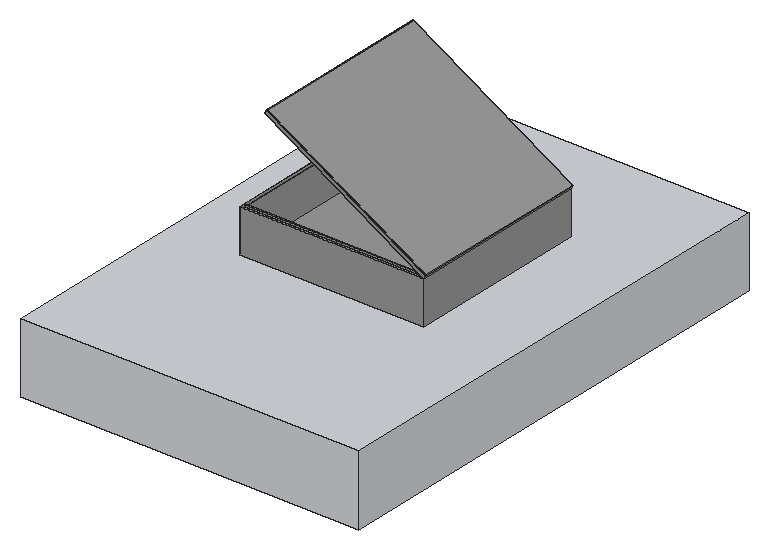
Revit family "Hager-Univers-IP44-D205-H800-Cl.I-encl-DE-de", category Equipement électrique, Revit 2020
Family settings
  Hôte = Face
  Configuration du panneau = Deux colonnes, circuits au sein
  Cote de connecteur circulaire = Utiliser le diamètre
  Type d'élément = Tableau de raccordement
  Couper avec des vides une fois chargée = Non
  Partagée = Non
  Point de calcul de pièce = Non
Parameters (values of type "Aufputz IP44 B800 H800 T205  - FP53TN2")
  Width Control [instance] = if([EF000008 - Breite] > Min Width, [EF000008 - Breite], Min Width)  # 800 mm
  Commentaires du type = [HG000003 - Bereich]  # "Univers"
  Thickness Door [instance] = if([EF009171 - Materialstärke Tür/Deckel] > 3 mm, 3 mm, [EF009171 - Materialstärke Tür/Deckel])  # 1 mm
  Seal Frame Offset [instance] = 17 mm  # constant formula
  Plinth Visibility [instance] = [HG000027 - Sockelhöhe] > 0 mm  # no
  Model = ""
  Min Width [instance] = 100 mm  # constant formula
  Min Height [instance] = 100 mm  # constant formula
  Min Depth [instance] = (2 * [EF009170 - Materialstärke Gehäuse]) + 1 mm  # 3 mm
  Internal Frame Depth [instance] = (Door System Depth * 0.5)  # 9 mm
  Height Control [instance] = if([EF000040 - Höhe] > Min Height, [EF000040 - Höhe], Min Height)  # 800 mm
  HG000027 - Sockelhöhe = 0 mm
  HG000026 - Stehend auf dem Boden = no
  HG000024 - Höhe des unteren Teils = 800 mm
  HG000023 - Gehäuse mit doppeltem Querschnitt = no
  HG000016 - 3D-Türsichtbarkeit [instance] = yes
  HG000015 - Sichtbarkeit der Türöffnung [instance] = no
  HG000014 - Tür rechts [instance] = yes
  HG000013 - Tür links [instance] = not([HG000014 - Tür rechts])  # no
  HG000012 - Türschwenkwinkel [instance] = 30.00°
  HG000010 - Asymmetrische Türen = no
  HG000009 - Doppelflügeligen Tür = no
  HG000006 - Unterputz = no
  HG000004 - Herstellerreferenz = "FP53TN2"
  HG000003 - Bereich = "Univers"
  HG000002 - Mit tür = yes
  Frame Offset Bottom [instance] = 10 mm  # constant formula
  Frame Offset [instance] = 15 mm  # constant formula
  EF015940 - Deckel mit Überdruckentlastung = no
  EF011959 - Schutzart (NEMA) = ""
  EF009554 - Anzahl der Öffnungen für Flanschplatten = 6
  Fabricant = "Hager"  # constant formula
  EF009212 - Ausführung Deckel = "EV000116 - geschlossen"
  EF009171 - Materialstärke Tür/Deckel = 1 mm
  EF009170 - Materialstärke Gehäuse = 1 mm
  EF008873 - Nennstrom (In) = 250 A
  EF007800 - Geeignet für Blitzschutz = no
  EF006306 - Mit Schloss = no
  EF006244 - Transparenter Deckel/Tür = no
  EF005474 - Schutzart (IP) = "EV006418 - IP44"
  EF004464 - Art der Tür = "EV002646 - Einzel"
  EF004427 - Anzahl der Module = 180
  EF004293 - Schlagfestigkeit = "EV006815 - IK09"
  EF003532 - Geeignet für Außengebrauch = no
  EF002950 - Breite in Teilungseinheiten = 36
  EF001613 - Funktionserhalt = "EV000494 - ohne"
  EF001596 - Werkstoff des Gehäuses = "EV000179 - Stahl"
  EF001131 - Innentiefe = 205 mm
  EF001088 - Anbaumöglichkeit = yes
  EF000437 - Anzahl der Leitungseinführungen = 6
  EF000339 - Art der Abdeckung = "EV001012 - Deckel"
  EF000266 - Anzahl der Reihen = 5
  EF000218 - Einbautiefe = 205 mm
  EF000118 - Mit Montageplatte = no
  EF000116 - RAL-Nummer = "9010"
  EF000049 - Tiefe = 205 mm
  EF000040 - Höhe = 800 mm
  EF000008 - Breite = 800 mm
  EF000007 - Farbe = "EV000202 - weiß"
  EF000003 - Montageart = "EV000384 - Aufputz"
  Door System Leaf Tolerance [instance] = 1.5 mm  # constant formula
  Door System Depth [instance] = 18 mm  # constant formula
  Door Height [instance] = Height Control - [HG000027 - Sockelhöhe]  # 800 mm
  Depth Control [instance] = if([EF000049 - Tiefe] > Min Depth, [EF000049 - Tiefe], Min Depth)  # 205 mm
  Default Elevation = 0 mm
  Connector Offset [instance] = Height Control / 2  # 400 mm
  Bottom Top Plate Trim [instance] = 1.5 mm  # constant formula
  Plinth height Ctrl [instance] = if([HG000027 - Sockelhöhe] > 0 mm, [HG000027 - Sockelhöhe], 12 mm)  # 12 mm
Types (10, lengths in mm): name | Width Control | HG000010 - Asymmetrische Türen | HG000009 - Doppelflügeligen Tür | HG000004 - Herstellerreferenz | EF009554 - Anzahl der Öffnungen für Flanschplatten | EF004464 - Art der Tür | EF004427 - Anzahl der Module | EF002950 - Breite in Teilungseinheiten | EF000437 - Anzahl der Leitungseinführungen | EF000008 - Breite
  Aufputz IP44 B1050 H800 T205  - FP54TN2 | 1050 | no | yes | "FP54TN2" | 8 | "EV003602 - Doppel" | 240 | 48 | 8 | 1050
  Aufputz IP44 B1300 H800 T205  - FP55TN | 1300 | no | no | "FP55TN" | 10 | "EV003602 - Doppel" | 300 | 60 | 10 | 1300
  Aufputz IP44 B1300 H800 T205  - FP55TN2 | 1300 | yes | yes | "FP55TN2" | 10 | "EV003602 - Doppel" | 300 | 60 | 10 | 1300
  Aufputz IP44 B300 H800 T205  - FP51TN | 300 | no | no | "FP51TN" | 2 | "EV002646 - Einzel" | 60 | 12 | 2 | 300
  Aufputz IP44 B300 H800 T205  - FP51TN2 | 300 | no | no | "FP51TN2" | 2 | "EV002646 - Einzel" | 60 | 12 | 2 | 300
  Aufputz IP44 B300 H800 T205  - FP51TW | 300 | no | no | "FP51TW" | 2 | "EV002646 - Einzel" | 60 | 12 | 2 | 300
  Aufputz IP44 B550 H800 T205  - FP52TN | 550 | no | no | "FP52TN" | 4 | "EV002646 - Einzel" | 120 | 24 | 4 | 550
  Aufputz IP44 B550 H800 T205  - FP52TN2 | 550 | no | no | "FP52TN2" | 4 | "EV002646 - Einzel" | 120 | 24 | 4 | 550
  Aufputz IP44 B800 H800 T205  - FP53TN | 800 | no | no | "FP53TN" | 6 | "EV002646 - Einzel" | 180 | 36 | 6 | 800
  Aufputz IP44 B800 H800 T205  - FP53TN2 | 800 | no | no | "FP53TN2" | 6 | "EV002646 - Einzel" | 180 | 36 | 6 | 800
Reference planes
  plane 1 "Center (Front/Back)": y = 0
  plane 2: z = 0
  plane 3 "Center (Left/Right)": x = 0
  plane 4: z = 205
  plane 5: y = 1
  plane 6: y = 400
  plane 7: y = 0
  plane 8: y = 800
  plane 9: z = 0
  plane 10: x = -385
  plane 11: x = 385
  plane 12: x = 384
  plane 13: x = -384
  plane 14: y = 799
  plane 15: x = -383
  plane 16: x = -400
  plane 17: x = 383
  plane 18: x = 400
  plane 19: x = 399
  plane 20: x = -399
  plane 21: y = 11
  plane 22: y = 800
  plane 23: y = 784
  plane 24: z = 187
  plane 25: z = 1
  plane 26: z = 186
  plane 27: z = 204
Forms (mm)
  Extrusion 1, solid
    sketch origin (0, 0, 0) x (1, 0, 0) y (0, 1, 0)
      loop
        line (-702.964, 1305) -> (-702.964, -811.445) -> (766.763, -811.445) -> (766.763, 1305) -> (-702.964, 1305)
    from 0 to -304.8
  Extrusion 2, solid, material "Hager_Steel_RAL7035_Light_Grey", visible <- "Plinth Visibility", detail levels medium+fine
    sketch origin (0, 0, 0) x (1, 0, 0) y (0, 1, 0)
      loop
        line (-400, 0) -> (400, 0) -> (400, 12) -> (-400, 12) -> (-400, 0)
    from 0 to 187
  Extrusion 3, solid, material "Hager_Steel_RAL7035_Light_Grey", detail levels medium+fine
    sketch origin (0, 0, 0) x (1, 0, 0) y (0, 1, 0)
      loop
        line (-400, 0) -> (400, 0) -> (400, 800) -> (-400, 800) -> (-400, 0)
    from 0 to 187
  Extrusion 4, void
    sketch origin (0, 0, 0) x (1, 0, 0) y (0, 1, 0)
      loop
        line (-399, 1) -> (399, 1) -> (399, 799) -> (-399, 799) -> (-399, 1)
    from 1 to 186
  Extrusion 5, void
    sketch origin (-381.607, -4572, 187) x (0, -1, 0) y (-1, 0, 0)
      loop
        line (-4583, 2.393) -> (-5356, 2.393) -> (-5356, -765.607) -> (-4583, -765.607) -> (-4583, 2.393)
    from 0 to 1 <- "EF009170 - Materialstärke Gehäuse"
  Extrusion 6, solid, material "Hager_Steel_RAL7035_Light_Grey", detail levels fine
    sketch origin (0, 0, 187) x (1, 0, 0) y (0, 1, 0)
      loop
        line (-384, 784) -> (-384, 11) -> (384, 11) -> (384, 784) -> (-384, 784)
      loop
        line (-385, 10) -> (385, 10) -> (385, 785) -> (-385, 785) -> (-385, 10)
    from 0 to 9 <- "Internal Frame Depth"
  Extrusion 7, solid, material "Hager_Steel_RAL7035_Light_Grey", detail levels coarse
    sketch origin (0, 0, 0) x (1, 0, 0) y (0, 1, 0)
      loop
        line (-400, 0) -> (400, 0) -> (400, 800) -> (-400, 800) -> (-400, 0)
    from 0 to 205
  Sweep 8, void
    path in 3D
      loop
        line (-400, 12, 0) -> (400, 12, 0) -> (400, 12, 187) -> (-400, 12, 187) -> (-400, 12, 0)
    profile origin (-400, 12, 93.5) x (-1, 0, 0) y (0, -1, 0)
      loop
        line (0, 0) -> (0, 1.5) -> (-1.5, 1.5)
        arc (-1.5, 1.5) -> (-1.061, 0.439) -> (0, 0) r 1.5
Cuts and joins
  Extrusion 4, Extrusion 5 cuts Extrusion 3
  Sweep 8 cuts Extrusion 2
Lines and regions (mm)
  Masking region 1
    outline origin (0, 0, 0) x (1, 0, 0) y (0, 0, 1)
      loop
        line (-400, 205) -> (-400, 0) -> (400, 0) -> (400, 205) -> (-400, 205)
  Masking region 2, detail levels medium+fine
    outline origin (0, 140, 0) x (0, 1, 0) y (0, 0, 1)
      loop
        line (-140, 0) -> (660, 0) -> (660, 187) -> (-140, 187) -> (-140, 0)
  Masking region 3, not visible, detail levels medium+fine
    outline origin (0, 297.922, 0) x (0, 1, 0) y (0, 0, 1)
      loop
        line (113.578, 0) -> (153.578, 0) -> (153.578, 194)
        arc (153.578, 194) -> (150.649, 201.071) -> (143.578, 204) r 10
        line (143.578, 204) -> (113.578, 204) -> (113.578, 0)
  Masking region 4, detail levels coarse
    outline origin (0, 0, 180) x (0, 1, 0) y (0, 0, 1)
      loop
        line (0, -180) -> (800, -180) -> (800, 25) -> (0, 25) -> (0, -180)
  Masking region 5, visible <- "Plinth Visibility", detail levels medium+fine
    outline origin (0, 52.24, 12.345) x (0, 0, -1) y (0, 1, 0)
      loop
        line (10.845, -40.24) -> (-173.155, -40.24)
        arc (-173.155, -40.24) -> (-173.594, -41.301) -> (-174.655, -41.74) r 1.5
        line (-174.655, -41.74) -> (-174.655, -52.24) -> (12.345, -52.24) -> (12.345, -41.74)
        arc (12.345, -41.74) -> (11.285, -41.301) -> (10.845, -40.24) r 1.5
  Masking region 6, detail levels medium+fine
    outline origin (-381.607, -4572, 187) x (-1, 0, 0) y (0, -1, 0)
      loop
        line (18.393, -5372) -> (18.393, -4572) -> (-781.607, -4572) -> (-781.607, -5372) -> (18.393, -5372)
  Masking region 7, visible <- "Plinth Visibility", detail levels medium+fine
    outline origin (-381.607, -4727, 187) x (-1, 0, 0) y (0, -1, 0)
      loop
        arc (16.893, -4739) -> (17.332, -4737.939) -> (18.393, -4737.5) r 1.5
        line (18.393, -4737.5) -> (18.393, -4727) -> (-781.607, -4727) -> (-781.607, -4737.5)
        arc (-781.607, -4737.5) -> (-780.546, -4737.939) -> (-780.107, -4739) r 1.5
        line (-780.107, -4739) -> (16.893, -4739)
  Masking region 8, detail levels coarse
    outline origin (-442.548, -4669.526, 187) x (-1, 0, 0) y (0, -1, 0)
      loop
        line (-42.548, -5469.526) -> (-42.548, -4669.526) -> (-842.548, -4669.526) -> (-842.548, -5469.526) -> (-42.548, -5469.526)
  sketch lines
    curve 1: line (-400, 12, 187) -> (-400, 12, 0)
    curve 2: line (400, 12, 187) -> (-400, 12, 187)
    curve 3: line (400, 12, 187) -> (400, 12, 0)
    curve 4: line (-400, 12, 0) -> (400, 12, 0)
Dimensions and locks
  "Depth Control": plane 4 to Extrusion 1
  "HG000027 - Sockelhöhe": plane 1 "Center (Front/Back)" to plane 7
  "EF009170 - Materialstärke Gehäuse": plane 5 to plane 7
  locked: connector elem to plane 3 "Center (Left/Right)"
  equal spacing: plane 8, plane 6, plane 7
  locked: connector elem to plane 6
  "EF009170 - Materialstärke Gehäuse": plane 8 to plane 14
  "EF009170 - Materialstärke Gehäuse": plane 10 to plane 13
  "EF009170 - Materialstärke Gehäuse": plane 12 to plane 11
  "Frame Offset": plane 20 to plane 13
  "Frame Offset": plane 12 to plane 19
  "EF009170 - Materialstärke Gehäuse": plane 16 to plane 20
  "EF009170 - Materialstärke Gehäuse": plane 19 to plane 18
  "Seal Frame Offset": plane 16 to plane 15
  "Seal Frame Offset": plane 17 to plane 18
  "Frame Offset Bottom": plane 21 to plane 5
  "Frame Offset": plane 14 to plane 23
  equal spacing: plane 16, plane 3 "Center (Left/Right)", plane 18
  "Width Control": plane 16 to plane 18
  "EF009170 - Materialstärke Gehäuse": plane 4 to plane 27
  "EF009170 - Materialstärke Gehäuse": plane 24 to plane 26
  "EF009170 - Materialstärke Gehäuse": plane 25 to level
  "Door System Depth": plane 4 to plane 24
  "Height Control": plane 1 "Center (Front/Back)" to Extrusion 7 sketch curve
  "Height Control": Masking region 4 sketch curve to plane 1 "Center (Front/Back)"
  "Height Control": plane 1 "Center (Front/Back)" to plane 22
  "Bottom Top Plate Trim": profile plane to Sweep 8 sketch curve
  "Bottom Top Plate Trim": Sweep 8 sketch curve to profile plane
  "Plinth height Ctrl": plane 1 "Center (Front/Back)" to Extrusion 2 sketch curve
  "Plinth height Ctrl": Masking region 5 sketch curve to plane 1 "Center (Front/Back)"
  "Plinth height Ctrl": plane 1 "Center (Front/Back)" to Masking region 7 sketch curve
  "Thickness Door": Extrusion 6 sketch curve to Extrusion 6 sketch curve  (x3)
  "Thickness Door": cut or joined group of Extrusion 3, Extrusion 4, Extrusion 5 to Extrusion 6 sketch curve
  radius of Masking region 3 sketch curve = 10 mm
  "Bottom Top Plate Trim": radius of Masking region 5 sketch curve  (x2)
  "Bottom Top Plate Trim": radius of Sweep 8 sketch curve
  "Bottom Top Plate Trim": radius of Masking region 7 sketch curve  (x2)
  aligned and locked: plane 2 to Extrusion 1
  aligned and locked: level to Extrusion 1
  aligned and locked: level to Masking region 1 sketch curve
  aligned and locked: Masking region 1 sketch curve to plane 18
  aligned and locked: Masking region 1 sketch curve to plane 16
  aligned and locked: plane 7 to Masking region 2 sketch curve
  aligned and locked: level to Masking region 3 sketch curve
  aligned and locked: Masking region 3 sketch curve to plane 27
  aligned and locked: level to Masking region 2 sketch curve
  aligned and locked: plane 1 "Center (Front/Back)" to Extrusion 2 sketch curve
  aligned and locked: Extrusion 3 sketch curve to plane 7
  aligned and locked: plane 16 to Extrusion 3 sketch curve
  aligned and locked: plane 18 to Extrusion 3 sketch curve
  aligned and locked: plane 20 to Extrusion 4 sketch curve
  aligned and locked: plane 19 to Extrusion 4 sketch curve
  aligned and locked: Extrusion 4 sketch curve to plane 5
  aligned and locked: Extrusion 4 to plane 25
  aligned and locked: plane 26 to Extrusion 4
  aligned and locked: plane 24 to Extrusion 3
  aligned and locked: Extrusion 5 sketch curve to plane 21
  aligned and locked: Extrusion 5 sketch curve to plane 13
  aligned and locked: Extrusion 5 sketch curve to plane 12
  aligned and locked: plane 18 to Extrusion 7 sketch curve
  aligned and locked: plane 1 "Center (Front/Back)" to Extrusion 7 sketch curve
  aligned and locked: plane 16 to Extrusion 7 sketch curve
  aligned and locked: plane 4 to Extrusion 7
  aligned and locked: Extrusion 7 to level
  aligned and locked: level to Masking region 4 sketch curve
  aligned and locked: Masking region 4 sketch curve to plane 1 "Center (Front/Back)"
  aligned and locked: Masking region 4 sketch curve to plane 4
  aligned and locked: nested 1 to level
  aligned and locked: nested 1 to plane 16
  aligned and locked: plane 8 to Extrusion 3 sketch curve
  aligned and locked: plane 23 to Extrusion 5 sketch curve
  aligned and locked: plane 14 to Extrusion 4 sketch curve
  aligned and locked: Masking region 2 sketch curve to plane 8
  aligned and locked: level to Masking region 5 sketch curve
  aligned and locked: plane 16 to Extrusion 2 sketch curve
  aligned and locked: plane 18 to Extrusion 2 sketch curve
  aligned and locked: Masking region 5 sketch curve to plane 24
  aligned and locked: Masking region 2 sketch curve to plane 24
  aligned and locked: plane 24 to Extrusion 2
  aligned and locked: profile plane to Sweep 8 sketch curve  (x2)
  aligned and locked: Masking region 6 sketch curve to plane 18
  aligned and locked: Masking region 6 sketch curve to plane 22
  aligned and locked: Masking region 6 sketch curve to plane 16
  aligned and locked: plane 8 to plane 22
  aligned and locked: Masking region 6 sketch curve to plane 7
  aligned and locked: Masking region 7 sketch curve to plane 16
  aligned and locked: Masking region 7 sketch curve to plane 1 "Center (Front/Back)"
  aligned and locked: Masking region 7 sketch curve to plane 18
  aligned and locked: Masking region 8 sketch curve to plane 1 "Center (Front/Back)"
  aligned and locked: Masking region 8 sketch curve to plane 18
  aligned and locked: Masking region 8 sketch curve to plane 22
  aligned and locked: Masking region 8 sketch curve to plane 16
  aligned and locked: nested 2 to plane 7
  aligned and locked: plane 3 "Center (Left/Right)" to nested 2
  aligned and locked: nested 2 to plane 24
  aligned and locked: Extrusion 6 sketch curve to cut or joined group of Extrusion 3, Extrusion 4, Extrusion 5  (x4)
Automatic sketch dimensions
  Extrusion 1 sketch curve to Extrusion 1 sketch curve = 1469.727 mm
  Extrusion 1 sketch curve to Extrusion 1 sketch curve = 2116.445 mm
  Masking region 1 sketch curve to plane 4 = 0 mm
  plane 6 to Masking region 3 sketch curve = 11.5 mm
  Masking region 3 sketch curve to Masking region 3 sketch curve = 30 mm
  Masking region 5 sketch curve to plane 1 "Center (Front/Back)" = 0 mm
Nested families
  nested 1: "Hager_Enclosure_Symbol" at (-400, 0, 0) x (1, 0, 0) z (0, -1, 0), Height <- "Depth Control", Width <- "Width Control", type "Hager_Enclosure_Symbol"
    with Width_Ctrl 800 mm, Width 800 mm, Height_Ctrl 205 mm, Height 205 mm, A_Width_Int 13.453 mm, A_Width 161.438 mm, A_Height_Ctrl 179.375 mm, A_Height 179.375 mm
  nested 2: "EC000058_Univers_Door" at (0, 0, 187) x (1, 0, 0) z (0, 1, 0), Leaf_Tolerance <- "Door System Leaf Tolerance", Angle <- "HG000012 - Türschwenkwinkel", Door_Depth <- "Door System Depth", Door_Left <- "HG000013 - Tür links", Transparent <- "EF006244 - Transparenter Deckel/Tür", Assymetrical <- "HG000010 - Asymmetrische Türen", Width <- "Width Control", Clearance <- "HG000015 - Sichtbarkeit der Türöffnung", Double <- "HG000009 - Doppelflügeligen Tür", 3d_Door <- "HG000016 - 3D-Türsichtbarkeit", Lock_Visibility <- "EF006306 - Mit Schloss", Width_Ctrl <- "Width Control", Door_Right <- "HG000014 - Tür rechts", Door <- "HG000002 - Mit tür", Height <- "Door Height", Thickness <- "Thickness Door", type "EC000058_Univers_Door", detail levels medium+fine
    with min_wh 3 mm, Width_Ctrl 800 mm, Width 800 mm, Transparent no, Thickness 1 mm, Seal_Material Hager_Rubber, Lock_Visibility no, Lock_Material Hager_Plastic_RAL9005_Jet_Black, Leaf_Width 800 mm, Leaf_Tolerance_External_Sides 0 mm, Leaf_Tolerance 1.5 mm, Leaf_Offset 0 mm, Leaf_Height 797 mm, Leaf_2_Width 800 mm, Leaf_2_Offset 400 mm, Leaf_1_Width 800 mm, Leaf_1_Offset 400 mm, Height_Ctrl 800 mm, Height 800 mm, Glass_Material Hager_Glass, Double_Clearance_Ctrl no, Double no, Door_Right_Ctrl yes, Door_Right yes, Door_Material Hager_Steel_RAL7035_Light_Grey, Door_Left_Ctrl no, Door_Left no, Door_Depth 18 mm, Door yes, Clearance_Material Hager_Clearance, Clearance_Depth 800 mm, Clearance_Ctrl no, Clearance no, Assymetrical no, Angle 30.00°, 3d_Door yes
Connectors
  electrical at (0, 400, 0)
    settings: on plane 9, index 1, voltage 0 V, apparent load 0 VA, apparent load phase1 0 VA, apparent load phase2 0 VA, apparent load phase3 0 VA, power factor 1, load classification "Other", number of poles 1, system type 30, power factor state 1, is connector primary yes, connector utility no, sub classification motor no, connector description ""
Definition of nested family "EC000058_Univers_Door"
  Parameters (values of type "EC000058_Univers_Door")
    min_wh [instance] = (2 * Thickness) + 1 mm  # 11 mm
    Width_Ctrl [instance] = 400 mm
    Width [instance] = 500 mm
    Transparent [instance] = yes
    Thickness [instance] = 5 mm
    Seal_Material [instance] = none
    Lock_Visibility [instance] = yes
    Lock_Material [instance] = none
    Leaf_Width [instance] = if((Width_Ctrl - 2 * Leaf_Tolerance_External_Sides) > 0 mm, (Width_Ctrl - 2 * Leaf_Tolerance_External_Sides), min_wh)  # 400 mm
    Leaf_Tolerance_External_Sides [instance] = 0 mm  # constant formula
    Leaf_Tolerance [instance] = 1.5 mm
    Leaf_Offset [instance] = 0 mm  # constant formula
    Leaf_Height [instance] = if((Height_Ctrl - 2 * Leaf_Tolerance) > 0 mm, (Height_Ctrl - 2 * Leaf_Tolerance), min_wh)  # 497 mm
    Leaf_2_Width [instance] = if(and(and(Double, Assymetrical), Door_Left), (Leaf_Width / 3) - (Leaf_Tolerance / 2), if(and(and(Double, Assymetrical), Door_Right), (Leaf_Width / 3) * 2 - (Leaf_Tolerance / 2), if(and(Double, not(Assymetrical)), (Leaf_Width / 2) - Leaf_Tolerance, Leaf_Width)))  # 400 mm
    Leaf_2_Offset [instance] = if(and(Double, Assymetrical), Leaf_2_Width / 2, if(and(Double, not(Assymetrical)), Leaf_Width / 4, Leaf_Width / 2))  # 200 mm
    Leaf_1_Width [instance] = if(and(and(Double, Assymetrical), Door_Right), (Leaf_Width / 3) - (Leaf_Tolerance / 2), if(and(and(Double, Assymetrical), Door_Left), (Width / 3) * 2 - (Leaf_Tolerance / 2), if(and(Double, not(Assymetrical)), (Leaf_Width / 2) - Leaf_Tolerance, Leaf_Width)))  # 400 mm
    Leaf_1_Offset [instance] = if(and(Double, Assymetrical), Leaf_1_Width / 2, if(and(Double, not(Assymetrical)), Leaf_Width / 4, Leaf_Width / 2))  # 200 mm
    Height_Ctrl [instance] = if(Height > min_wh, Height, min_wh)  # 500 mm
    Height [instance] = 500 mm
    Glass_Material [instance] = none
    Double_Clearance_Ctrl [instance] = and(Double, Clearance)  # no
    Double [instance] = no
    Door_Right_Ctrl [instance] = and(or(Door_Right, Double), Door)  # yes
    Door_Right [instance] = yes
    Door_Material [instance] = none
    Door_Left_Ctrl [instance] = and(or(Door_Left, Double), Door)  # no
    Door_Left [instance] = no
    Door_Depth [instance] = 30 mm
    Door [instance] = yes
    Default Elevation = 1219.2 mm
    Clearance_Material [instance] = none
    Clearance_Depth [instance] = if(Leaf_1_Width > Leaf_2_Width, Leaf_1_Width, Leaf_2_Width)  # 400 mm
    Clearance_Ctrl [instance] = and(not(Double), Clearance)  # yes
    Clearance [instance] = yes
    Assymetrical [instance] = yes
    Angle [instance] = 30.00°
    3d_Door [instance] = yes
  Reference planes
    plane 1 "Center (Front/Back)": y = 0
    plane 2 "Bottom": z = 0
    plane 3 "Center (Left/Right)": x = 0
    plane 4: z = 500
    plane 5: x = -200
    plane 6: x = 200
    plane 7: z = 500
    plane 8: x = -200
    plane 9: z = 0
    plane 10: x = 200
    plane 11: y = 0
    plane 12: z = 1.5
    plane 13: x = -600
    plane 14: y = -400
    plane 15: x = 600
    plane 16: x = 0
    plane 17: x = 0
    plane 18: x = -200
    plane 19: x = 200
    plane 20: z = 498.5
  Forms (mm)
    Extrusion 1, solid, material <- "Clearance_Material", visible <- "Double_Clearance_Ctrl"
      sketch origin (1200, 0, 0) x (1, 0, 0) y (0, 0, -1)
        loop
          line (-1800, -498.5) -> (-600, -498.5) -> (-600, 0) -> (-1800, 0) -> (-1800, -498.5)
      from 0 to -400
  Dimensions and locks
    equal spacing: plane 5, plane 3 "Center (Left/Right)", plane 6
    "Width_Ctrl": plane 5 to plane 6
    "Leaf_Offset": plane 5 to plane 8
    "Leaf_Offset": plane 6 to plane 10
    "Leaf_Offset": plane 9 to level
    "Leaf_Offset": plane 4 to plane 7
    "Height_Ctrl": plane 4 to level
    "Leaf_Tolerance": plane 12 to plane 9
    locked: plane 11 to plane 1 "Center (Front/Back)"
    "Leaf_1_Offset": plane 18 to plane 16
    "Leaf_2_Offset": plane 17 to plane 19
    "Leaf_1_Width": plane 13 to plane 8
    "Leaf_2_Width": plane 10 to plane 15
    "Clearance_Depth": plane 14 to plane 1 "Center (Front/Back)"
    "Leaf_Tolerance_External_Sides": plane 8 to plane 18
    "Leaf_Tolerance_External_Sides": plane 19 to plane 10
    "Leaf_Tolerance": plane 7 to plane 20
    aligned and locked: level to plane 2 "Bottom"
    aligned and locked: nested 1 to plane 16
    aligned and locked: nested 2 to plane 17
    aligned and locked: Extrusion 1 to plane 13
    aligned and locked: plane 15 to Extrusion 1
    aligned and locked: Extrusion 1 to plane 14
    aligned and locked: plane 12 to nested 1
    aligned and locked: nested 2 to plane 12
    aligned and locked: Extrusion 1 to plane 11
    aligned and locked: plane 20 to Extrusion 1
    aligned and locked: nested 2 to plane 11
    aligned and locked: nested 1 to plane 11
  Automatic sketch dimensions
    Extrusion 1 sketch curve to level = 0 mm
    plane 5 to Extrusion 1 sketch curve = 400 mm
    plane 6 to Extrusion 1 sketch curve = 400 mm
    Extrusion 1 sketch curve to plane 4 = 1.5 mm
  Nested families
    nested 1: "EC000058_Univers_Door_Leaf" at (0, 0, 1.5), Width <- "Leaf_1_Width", visible <- "Door_Left_Ctrl", Leaf_Height <- "Leaf_Height", Angle <- "Angle", 3d_Door <- "3d_Door", Transparent <- "Transparent", Clearance Material <- "Clearance_Material", Clearance <- "Clearance_Ctrl", Door_Material <- "Door_Material", Glass_Material <- "Glass_Material", Door_Depth <- "Door_Depth", Lock_Material <- "Lock_Material", Seal_Material <- "Seal_Material", Lock_Visibility <- "Lock_Visibility", Thickness <- "Thickness", type "EC000058_Univers_Door_Leaf"
      with Width 400 mm, Transparent_Glass_Offset 30 mm, Transparent_Ctrl yes, Transparent yes, Thickness 5 mm, Standard no, Seal_Material none, Seal_D2 8 mm, Seal_D1 1 mm, Offset_Internal_Frame 10 mm, Lock_Width 20 mm, Lock_Visibility_3d yes, Lock_Visibility yes, Lock_Thickness_3 3 mm, Lock_Thickness_2 1 mm, Lock_Thickness_1 3 mm, Lock_Radius_Offset_2 16 mm, Lock_Radius_Offset_1 15 mm, Lock_Radius_2 5 mm, Lock_Radius 6 mm, Lock_Offset 5 mm, Lock_Material none, Lock_Height 80 mm, Lock_Cover_Top_Offset_2d 17 mm, Lock_Cover_Height -65 mm, Leaf_Height 497 mm, Internal_Seal_Thickness 8 mm, Internal_Seal_Depth_2 4.5 mm, Internal_Frame_Depth 25 mm, Glass_Thickness -1 mm, Glass_Offset -2 mm, Glass_Material none, Door_Material none, Door_Depth 30 mm, Clearance Material none, Clearance yes, Angle_Ctrl 30.00°, Angle 30.00°, 3d_Door yes
    nested 2: "EC000058_Univers_Door_Leaf" at (0, 0, 1.5) x (-1, 0, 0) z (0, 0, 1), Width <- "Leaf_2_Width", visible <- "Door_Right_Ctrl", Leaf_Height <- "Leaf_Height", Angle <- "Angle", 3d_Door <- "3d_Door", Transparent <- "Transparent", Clearance Material <- "Clearance_Material", Clearance <- "Clearance_Ctrl", Door_Material <- "Door_Material", Glass_Material <- "Glass_Material", Door_Depth <- "Door_Depth", Lock_Material <- "Lock_Material", Seal_Material <- "Seal_Material", Lock_Visibility <- "Lock_Visibility", Thickness <- "Thickness", type "EC000058_Univers_Door_Leaf"
      with Width 400 mm, Transparent_Glass_Offset 30 mm, Transparent_Ctrl yes, Transparent yes, Thickness 5 mm, Standard no, Seal_Material none, Seal_D2 8 mm, Seal_D1 1 mm, Offset_Internal_Frame 10 mm, Lock_Width 20 mm, Lock_Visibility_3d yes, Lock_Visibility yes, Lock_Thickness_3 3 mm, Lock_Thickness_2 1 mm, Lock_Thickness_1 3 mm, Lock_Radius_Offset_2 16 mm, Lock_Radius_Offset_1 15 mm, Lock_Radius_2 5 mm, Lock_Radius 6 mm, Lock_Offset 5 mm, Lock_Material none, Lock_Height 80 mm, Lock_Cover_Top_Offset_2d 17 mm, Lock_Cover_Height -65 mm, Leaf_Height 497 mm, Internal_Seal_Thickness 8 mm, Internal_Seal_Depth_2 4.5 mm, Internal_Frame_Depth 25 mm, Glass_Thickness -1 mm, Glass_Offset -2 mm, Glass_Material none, Door_Material none, Door_Depth 30 mm, Clearance Material none, Clearance yes, Angle_Ctrl 30.00°, Angle 30.00°, 3d_Door yes
  Definition of nested family "EC000058_Univers_Door_Leaf"
    Parameters (values of type "EC000058_Univers_Door_Leaf")
      Width [instance] = 2000 mm
      Transparent_Glass_Offset [instance] = 30 mm
      Transparent_Ctrl [instance] = and(Transparent, [3d_Door])  # yes
      Transparent [instance] = yes
      Thickness [instance] = 5 mm
      Standard [instance] = and(not(Transparent), [3d_Door])  # no
      Seal_Material [instance] = none
      Seal_D2 [instance] = 8 mm  # constant formula
      Seal_D1 [instance] = 1 mm  # constant formula
      Offset_Internal_Frame [instance] = 10 mm  # constant formula
      Lock_Width [instance] = 20 mm  # constant formula
      Lock_Visibility_3d [instance] = and(Lock_Visibility, [3d_Door])  # yes
      Lock_Visibility [instance] = yes
      Lock_Thickness_3 [instance] = 3 mm  # constant formula
      Lock_Thickness_2 [instance] = 1 mm  # constant formula
      Lock_Thickness_1 [instance] = 3 mm  # constant formula
      Lock_Radius_Offset_2 [instance] = Lock_Radius_Offset_1 + 1 mm  # 16 mm
      Lock_Radius_Offset_1 [instance] = 15 mm  # constant formula
      Lock_Radius_2 [instance] = Lock_Radius - 1 mm  # 5 mm
      Lock_Radius [instance] = 6 mm  # constant formula
      Lock_Offset [instance] = 5 mm  # constant formula
      Lock_Material [instance] = none
      Lock_Height [instance] = 80 mm  # constant formula
      Lock_Cover_Top_Offset_2d [instance] = Lock_Radius_Offset_2 + 1 mm  # 17 mm
      Lock_Cover_Height [instance] = -(Lock_Height - Lock_Radius_Offset_1)  # -65 mm
      Leaf_Height [instance] = 2720.336 mm
      Internal_Seal_Thickness [instance] = 8 mm  # constant formula
      Internal_Seal_Depth_2 [instance] = 4.5 mm  # constant formula
      Internal_Frame_Depth [instance] = if(Door_Depth - Thickness > 5 mm, Door_Depth - Thickness, 5 mm)  # 25 mm
      Glass_Thickness [instance] = if(Thickness > 15 mm, Glass_Offset + 10 mm, -1 mm)  # -1 mm
      Glass_Offset [instance] = if(Thickness > 15 mm, -(Thickness + 10 mm) / 2, -2 mm)  # -2 mm
      Glass_Material [instance] = none
      Door_Material [instance] = none
      Door_Depth [instance] = 30 mm
      Default Elevation = 0 mm
      Clearance Material [instance] = none
      Clearance [instance] = yes
      Angle_Ctrl [instance] = if(Angle > 180.00°, 180.00°, Angle)  # 90.00°
      Angle [instance] = 90.00°
      3d_Door [instance] = yes
    Reference planes
      plane 1 "Center (Front/Back)": y = 0
      plane 2: z = 0
      plane 3 "Center (Left/Right)": x = 0
      plane 4: y = 2000
      plane 5: x = -1000
      plane 6: x = 1000
      plane 7: x = -3000
      plane 8: z = 2720.336
      plane 9: z = 30
      plane 10: z = 2690.336
      plane 11: x = 970
      plane 12: x = -970
      plane 13: y = -3
      plane 14: z = 107.833
      plane 15: y = -5
      plane 16: y = -223.314
      plane 17: x = -1000
      plane 18: z = 1360.168
      plane 19: y = 30
    Forms (mm)
      Extrusion 1, solid, material <- "Clearance Material", visible <- "Clearance"
        sketch origin (0, 0, 0) x (1, 0, 0) y (0, 0, 1)
          loop
            line (-3000, 2720.336) -> (-3000, 0) -> (1000, 0) -> (1000, 2720.336) -> (-3000, 2720.336)
        from 0 to -2000
      Extrusion 2, solid, material <- "Door_Material", visible <- "Standard", detail levels medium+fine
        sketch origin (-1000, 0, 0) x (0, 1, 0) y (-1, 0, 0)
          loop
            line (0, 30) -> (0, 25) -> (2000, 25) -> (2000, 30) -> (0, 30)
        from 0 to 2720.336 <- "Leaf_Height"
      Extrusion 3, solid, material <- "Door_Material", visible <- "Transparent_Ctrl", detail levels medium+fine
        sketch origin (-1000, 0, 0) x (0, 1, 0) y (-1, 0, 0)
          loop
            line (0, 25) -> (2000, 25) -> (2000, 30) -> (0, 30) -> (0, 25)
        from 0 to 2720.336 <- "Leaf_Height"
      Extrusion 4, void
        sketch origin (-1025, 2000, 0) x (0, 1, 0) y (0, 0, -1)
          loop
            line (-30, -2690.336) -> (-30, -30) -> (-1970, -30) -> (-1970, -2690.336) -> (-30, -2690.336)
        from 0 to 5 <- "Thickness"
      Sweep 5, solid, material <- "Seal_Material", visible <- "Transparent_Ctrl", detail levels fine
        path in 3D
          loop
            line (-1025, 30, 30) -> (-1025, 30, 2690.336) -> (-1025, 1970, 2690.336) -> (-1025, 1970, 30) -> (-1025, 30, 30)
        profile origin (-1025, 1000, 30) x (1, 0, 0) y (0, 0, 1)
          loop
            line (0, 0) -> (0, -8) -> (1, -8) -> (1, 0) -> (0, 0)
      Extrusion 6, solid, material <- "Glass_Material", visible <- "Transparent_Ctrl", detail levels medium+fine
        sketch origin (-1030, 0, 0) x (0, 1, 0) y (0, 0, -1)
          loop
            line (1970, -2690.336) -> (1970, -30) -> (30, -30) -> (30, -2690.336) -> (1970, -2690.336)
        from -2 <- "Glass_Offset" to -1 <- "Glass_Thickness"
      Extrusion 7, solid, material <- "Door_Material", visible <- "3d_Door", detail levels medium+fine
        sketch origin (-1025, 2000, 0) x (0, -1, 0) y (0, 0, -1)
          loop
            line (0, -2720.336) -> (2000, -2720.336) -> (2000, 0) -> (0, 0) -> (0, -2720.336)
          loop
            line (1995, -5) -> (5, -5) -> (5, -2715.336) -> (1995, -2715.336) -> (1995, -5)
        from 0 to 25 <- "Internal_Frame_Depth"
      Sweep 8, solid, material <- "Seal_Material", visible <- "Transparent_Ctrl", detail levels fine
        path in 3D
          loop
            line (-1025, 0, 0) -> (-1025, 2000, 0) -> (-1025, 2000, 2720.336) -> (-1025, 0, 2720.336) -> (-1025, 0, 0)
        profile origin (-1025, 0, 1360.168) x (1, 0, 0) y (0, 1, 0)
          loop
            line (0, 10) -> (2.975, 10)
            arc (2.975, 10) -> (4.053, 10.447) -> (4.5, 11.525) r 1.525
            line (4.5, 11.525) -> (4.5, 16.527)
            arc (4.5, 16.527) -> (4.069, 17.569) -> (3.027, 18) r 1.473
            line (3.027, 18) -> (0, 18) -> (0, 10)
      Extrusion 9, solid, material <- "Lock_Material", visible <- "Lock_Visibility_3d", detail levels fine
        sketch origin (-1030, 0, 0) x (0, 1, 0) y (0, 0, -1)
          loop
            arc (1993.5, -1400.168) -> (1994.561, -1399.729) -> (1995, -1398.668) r 1.5
            line (1995, -1398.668) -> (1995, -1320.168) -> (1975, -1320.168) -> (1975, -1398.668)
            arc (1975, -1398.668) -> (1975.439, -1399.729) -> (1976.5, -1400.168) r 1.5
            line (1976.5, -1400.168) -> (1993.5, -1400.168)
        from 3 <- "Lock_Thickness_1" to 0
      Blend 10, solid, material <- "Lock_Material", visible <- "Lock_Visibility_3d", detail levels fine
        base sketch origin (-1033, 0, 0) x (0, 1, 0) y (0, 0, -1)
          loop
            line (1975, -1320.168) -> (1975, -1398.668)
            arc (1975, -1398.668) -> (1975.439, -1399.729) -> (1976.5, -1400.168) r 1.5
            line (1976.5, -1400.168) -> (1993.5, -1400.168)
            arc (1993.5, -1400.168) -> (1994.561, -1399.729) -> (1995, -1398.668) r 1.5
            line (1995, -1398.668) -> (1995, -1320.168) -> (1975, -1320.168)
        top sketch origin (-1033, 0, 0) x (0, 1, 0) y (0, 0, -1)
          loop
            line (1976, -1320.168) -> (1976, -1398.668)
            arc (1976, -1398.668) -> (1976.146, -1399.022) -> (1976.5, -1399.168) r 0.5
            line (1976.5, -1399.168) -> (1993.5, -1399.168)
            arc (1993.5, -1399.168) -> (1993.854, -1399.022) -> (1994, -1398.668) r 0.5
            line (1994, -1398.668) -> (1994, -1320.168) -> (1976, -1320.168)
        from 0 to 1 <- "Lock_Thickness_2"
      Blend 11, solid, material <- "Lock_Material", visible <- "Lock_Visibility_3d", detail levels fine
        base sketch origin (-1034, 0, 0) x (0, 1, 0) y (0, 0, -1)
          loop
            line (1978, -1320.168) -> (1978, -1384.168)
            arc (1978, -1384.168) -> (1985, -1391.168) -> (1992, -1384.168) r 7
            line (1992, -1384.168) -> (1992, -1320.168) -> (1978, -1320.168)
        top sketch origin (-1034, 0, 0) x (0, 1, 0) y (0, 0, -1)
          loop
            line (1991, -1320.168) -> (1979, -1320.168) -> (1979, -1383.168)
            arc (1979, -1383.168) -> (1985, -1389.168) -> (1991, -1383.168) r 6
            line (1991, -1383.168) -> (1991, -1320.168)
        from 0 to 3 <- "Lock_Thickness_3"
      Extrusion 12, solid, material <- "Lock_Material", visible <- "Lock_Visibility_3d", detail levels fine
        sketch origin (-1030, 1975, 1320.168) x (1, 0, 0) y (0, -1, 0)
          loop
            line (-7, -19) -> (-7, -1) -> (0, -1) -> (0, 0) -> (-8, 0) -> (-8, -20) -> (0, -20) -> (0, -19) -> (-7, -19)
        from 0 to -65 <- "Lock_Cover_Height"
      Extrusion 13, void
        sketch origin (-1038, 1995, 1320.168) x (-1, 0, 0) y (0, 0, -1)
          loop
            line (-5, -65) -> (0, -65) -> (-5, -60) -> (-5, -65)
        from 0 to 20 <- "Lock_Width"
      Extrusion 14, void
        sketch origin (-1038, 1975, 1320.168) x (0, -1, 0) y (0, 0, -1)
          loop
            circle (-10, -15.995) r 6
          loop
            circle (-10, -15.995) r 5
        from 0 to 2
      Extrusion 15, solid, material <- "Lock_Material", visible <- "Lock_Visibility_3d", detail levels medium
        sketch origin (-1030, 0, 0) x (0, 1, 0) y (0, 0, -1)
          loop
            arc (1993.5, -1400.168) -> (1994.561, -1399.729) -> (1995, -1398.668) r 1.5
            line (1995, -1398.668) -> (1995, -1320.168) -> (1975, -1320.168) -> (1975, -1398.668)
            arc (1975, -1398.668) -> (1975.439, -1399.729) -> (1976.5, -1400.168) r 1.5
            line (1976.5, -1400.168) -> (1993.5, -1400.168)
        from 8 to 0
    Cuts and joins
      Extrusion 4 cuts Extrusion 3
      Extrusion 13, Extrusion 14 cuts Extrusion 9
      Extrusion 14 cuts Blend 11
      Extrusion 13, Extrusion 14 cuts Extrusion 12
      joined: Extrusion 9, Blend 10, Blend 11, Extrusion 12
      Extrusion 14 cuts Extrusion 15
    Lines and regions (mm)
      Masking region 1, visible <- "Lock_Visibility", detail levels fine
        outline origin (0, 0, 0) x (0, 1, 0) y (0, 0, 1)
          loop
            line (30, 1320.168) -> (33, 1320.168) -> (33, 1400.168) -> (30, 1400.168) -> (30, 1320.168)
      Masking region 2, visible <- "Lock_Visibility", detail levels fine
        outline origin (0, 3.143, 0) x (0, 1, 0) y (0, 0, 1)
          loop
            line (29.857, 1354.168) -> (30.857, 1354.168) -> (30.857, 1366.168) -> (29.857, 1366.168) -> (29.857, 1354.168)
      Masking region 3, detail levels medium+fine
        outline origin (0, 0, 0) x (0, 1, 0) y (0, 0, 1)
          loop
            line (0, 0) -> (30, 0) -> (30, 2720.336) -> (0, 2720.336) -> (0, 0)
      Masking region 4, detail levels medium+fine
        outline origin (0, 0, 0) x (1, 0, 0) y (0, 0, 1)
          loop
            line (-1000, 2720.336) -> (-1000, 0) -> (1000, 0) -> (1000, 2720.336) -> (-1000, 2720.336)
      Masking region 5, visible <- "Lock_Visibility", detail levels fine
        outline origin (-47.116, 0, 0) x (1, 0, 0) y (0, 0, 1)
          loop
            arc (1024.616, 1399.168) -> (1023.556, 1398.729) -> (1023.116, 1397.668) r 1.5
            line (1023.116, 1397.668) -> (1023.116, 1320.168) -> (1041.116, 1320.168) -> (1041.116, 1397.668)
            arc (1041.116, 1397.668) -> (1040.677, 1398.729) -> (1039.616, 1399.168) r 1.5
            line (1039.616, 1399.168) -> (1024.616, 1399.168)
      Masking region 6, visible <- "Lock_Visibility", detail levels medium+fine
        outline origin (-25, 0, 0) x (1, 0, 0) y (0, 0, 1)
          loop
            arc (1001.5, 1400.168) -> (1000.439, 1399.729) -> (1000, 1398.668) r 1.5
            line (1000, 1398.668) -> (1000, 1320.168) -> (1020, 1320.168) -> (1020, 1398.668)
            arc (1020, 1398.668) -> (1019.561, 1399.729) -> (1018.5, 1400.168) r 1.5
            line (1018.5, 1400.168) -> (1001.5, 1400.168)
      Masking region 7, visible <- "Lock_Visibility", detail levels fine
        outline origin (-73.735, 0, 0) x (1, 0, 0) y (0, 0, 1)
          loop
            line (1051.735, 1382.168) -> (1065.735, 1382.168) -> (1065.735, 1384.168)
            arc (1065.735, 1384.168) -> (1058.735, 1391.168) -> (1051.735, 1384.168) r 7
            line (1051.735, 1384.168) -> (1051.735, 1382.168)
      Masking region 8, visible <- "Lock_Visibility", detail levels fine
        outline origin (-73.735, 0, 0) x (1, 0, 0) y (0, 0, 1)
          loop
            line (1052.735, 1382.168) -> (1064.735, 1382.168) -> (1064.735, 1383.168)
            arc (1064.735, 1383.168) -> (1058.735, 1389.168) -> (1052.735, 1383.168) r 6
            line (1052.735, 1383.168) -> (1052.735, 1382.168)
      Masking region 9, visible <- "Lock_Visibility", detail levels fine
        outline origin (-25, 0, 0) x (1, 0, 0) y (0, 0, 1)
          loop
            line (1020, 1320.168) -> (1020, 1382.168) -> (1000, 1382.168) -> (1000, 1320.168) -> (1020, 1320.168)
      Masking region 10, detail levels medium+fine
        outline origin (0, 0, 0) x (1, 0, 0) y (0, 0, 1)
          loop
            circle (985, 1335.144) r 6
      Masking region 11, detail levels fine
        outline origin (0, 0, 0) x (1, 0, 0) y (0, 0, 1)
          loop
            circle (985, 1335.144) r 5
      Masking region 12, visible <- "Lock_Visibility", detail levels fine
        outline origin (0, 12.767, 0) x (0, 1, 0) y (0, 0, 1)
          loop
            line (20.233, 1320.168) -> (21.233, 1320.168) -> (21.233, 1399.168) -> (20.233, 1400.168) -> (20.233, 1320.168)
      Masking region 13, visible <- "Lock_Visibility", detail levels fine
        outline origin (0, 13.767, -10) x (0, 1, 0) y (0, 0, 1)
          loop
            line (20.233, 1330.168) -> (23.233, 1330.168) -> (23.233, 1399.168) -> (20.233, 1402.168) -> (20.233, 1330.168)
      Masking region 14, visible <- "Lock_Visibility", detail levels fine
        outline origin (0, 12.767, -10) x (0, 1, 0) y (0, 0, 1)
          loop
            line (20.233, 1330.168) -> (25.233, 1330.168) -> (25.233, 1399.305) -> (20.233, 1394.305) -> (20.233, 1330.168)
      Masking region 15, visible <- "Lock_Visibility", detail levels medium
        outline origin (0, 0, 0) x (0, 1, 0) y (0, 0, 1)
          loop
            line (30, 1320.168) -> (38, 1320.168) -> (38, 1400.168) -> (30, 1400.168) -> (30, 1320.168)
      Masking region 16, visible <- "Lock_Visibility", detail levels fine
        outline origin (-1000, 0, 0) x (0, 1, 0) y (-1, 0, 0)
          loop
            line (1975, 30) -> (1995, 30) -> (1995, 38) -> (1975, 38) -> (1975, 30)
          loop
            line (1979, 37) -> (1976, 37) -> (1976, 34) -> (1978, 34) -> (1979, 37)
          loop
            line (1994, 37) -> (1991, 37) -> (1992, 34) -> (1994, 34) -> (1994, 37)
      Masking region 17, visible <- "Lock_Visibility", detail levels medium
        outline origin (-1000, 0, 0) x (0, 1, 0) y (-1, 0, 0)
          loop
            line (1975, 30) -> (1995, 30) -> (1995, 38) -> (1975, 38) -> (1975, 30)
      symbolic lines
        curve 1: line (1000, 0, 0) -> (-3000, 0, 0)
        curve 2: arc (1000, 0, 0) -> (-1000, 2000, 0) -> (-3000, 0, 0) r 2000
        curve 4: line (-1030, 0, 0) -> (-1030, 2000, 0)
      reference lines
        curve 3: line (-1000, 0, 0) -> (-1000, 2000, 0)
      symbolic lines, detail levels medium+fine
        curve 5: line (-1030, 2000, 0) -> (-1025, 2000, 0)
        curve 7: line (-1025, 0, 0) -> (-1030, 0, 0)
        curve 8: line (-1025, 0, 0) -> (-1000, 0, 0)
        curve 9: line (-1000, 0, 0) -> (-1000, 2000, 0)
        curve 10: line (-1000, 2000, 0) -> (-1025, 2000, 0)
      symbolic lines, detail levels fine
        curve 6: line (-1025, 2000, 0) -> (-1025, 0, 0)
      sketch lines
        curve 11: line (-1025, 0, 2720.336) -> (-1025, 0, 0)
        curve 12: line (-1025, 2000, 0) -> (-1025, 0, 0)
        curve 13: line (-1025, 2000, 2720.336) -> (-1025, 2000, 0)
        curve 14: line (-1025, 0, 2720.336) -> (-1025, 2000, 2720.336)
        curve 15: line (-1025, 1970, 30) -> (-1025, 30, 30)
        curve 16: line (-1025, 30, 30) -> (-1025, 30, 2690.336)
        curve 17: line (-1025, 1970, 2690.336) -> (-1025, 1970, 30)
        curve 18: line (-1025, 30, 2690.336) -> (-1025, 1970, 2690.336)
      symbolic lines, visible <- "Transparent", detail levels medium+fine
        curve 19: line (-970, 0, 2690.336) -> (970, 0, 2690.336)
        curve 20: line (-970, 0, 30) -> (-970, 0, 2690.336)
        curve 21: line (970, 0, 30) -> (-970, 0, 30)
        curve 22: line (970, 0, 2690.336) -> (970, 0, 30)
    Dimensions and locks
      "Width": plane 1 "Center (Front/Back)" to plane 4
      equal spacing: plane 5, plane 3 "Center (Left/Right)", plane 6
      "Width": plane 5 to plane 6
      "Width": plane 7 to plane 5
      "Leaf_Height": plane 8 to level
      "Width": curve 5 to curve 3
      "Width": curve 3 to curve 3
      plane 8 to plane 10 = 30 mm
      plane 9 to level = 30 mm
      plane 12 to plane 5 = 30 mm
      plane 6 to plane 11 = 30 mm
      Extrusion 1 to Extrusion 4 sketch curve = 30 mm
      "Transparent_Glass_Offset": curve 3 to Extrusion 4 sketch curve
      "Transparent_Glass_Offset": Extrusion 4 sketch curve to cut or joined group of Extrusion 3, Extrusion 4  (x2)
      cut or joined group of Extrusion 3, Extrusion 4 to Extrusion 6 sketch curve = 30 mm
      "Transparent_Glass_Offset": cut or joined group of Extrusion 3, Extrusion 4 to Extrusion 4 sketch curve
      "Thickness": curve 6 to curve 4
      "Thickness": Extrusion 7 sketch curve to Extrusion 7 sketch curve  (x4)
      "Door_Depth": curve 4 to curve 3
      "Offset_Internal_Frame": profile plane to Sweep 8 sketch curve
      "Internal_Seal_Thickness": Sweep 8 sketch curve to Sweep 8 sketch curve
      "Internal_Seal_Depth_2": profile plane to Sweep 8 sketch curve
      "Seal_D1": profile plane to Sweep 5 sketch curve
      "Seal_D2": profile plane to Sweep 5 sketch curve
      "Thickness": Extrusion 2 sketch curve to Extrusion 2 sketch curve
      equal spacing: Extrusion 9 sketch curve, plane 18, Extrusion 9 sketch curve  (x2)
      equal spacing: Masking region 1 sketch curve, plane 18, Masking region 1 sketch curve
      "Lock_Height": Masking region 1 sketch curve to Masking region 1 sketch curve
      "Lock_Radius": Masking region 2 sketch curve to plane 18 to Masking region 2 sketch curve
      Masking region 2 sketch curve to Masking region 1 = 1 mm
      "Door_Depth": plane 19 to plane 1 "Center (Front/Back)"
      "Lock_Thickness_1": Masking region 1 sketch curve to plane 19
      "Lock_Width": Extrusion 9 sketch curve to Extrusion 9 sketch curve
      "Lock_Height": Extrusion 9 sketch curve to Extrusion 9 sketch curve
      "Lock_Offset": cut or joined group of Extrusion 3, Extrusion 4 to Extrusion 9 sketch curve
      equal spacing: plane 8, plane 18, level
      "Lock_Radius_Offset_1": Blend 11 sketch curve to Blend 10
      locked: Blend 10 to Blend 11 sketch curve at 2  (x2)
      locked: var sketch to Blend 11 sketch curve at 1  (x2)
      "Lock_Radius_Offset_2": Blend 11 sketch curve to Blend 10
      locked: Extrusion 12 sketch curve to Extrusion 12 sketch curve at 1  (x3)
      Masking region 6 sketch curve to Masking region 6 sketch curve = 80 mm
      "Lock_Height": Masking region 6 sketch curve to Masking region 6 sketch curve
      "Lock_Width": Masking region 6 sketch curve to Masking region 6 sketch curve
      locked: Masking region 6 to Masking region 5 sketch curve at 1  (x3)
      locked: Masking region 5 to Masking region 7 sketch curve at 2  (x2)
      "Lock_Radius_Offset_1": Masking region 5 to Masking region 7 sketch curve
      "Lock_Radius_Offset_2": Masking region 5 to Masking region 8 sketch curve
      locked: Masking region 7 to Masking region 8 sketch curve at 1  (x2)
      "Lock_Cover_Top_Offset_2d": Masking region 5 to Masking region 9 sketch curve
      equal spacing: Masking region 9, Masking region 10 sketch curve, Masking region 9
      equal spacing: Masking region 9, Masking region 11 sketch curve, Masking region 9
      Extrusion 15 sketch curve to Extrusion 15 sketch curve = 80 mm
      "Lock_Width": Extrusion 15 sketch curve to Extrusion 15 sketch curve
      "Lock_Height": Extrusion 15 sketch curve to Extrusion 15 sketch curve
      equal spacing: Extrusion 15 sketch curve, plane 18, Extrusion 15 sketch curve
      "Lock_Thickness_3": Masking region 13 sketch curve to Masking region 13 sketch curve
      "Lock_Height": Masking region 12 sketch curve to Masking region 12 sketch curve
      locked: Masking region 13 sketch curve to Masking region 1 at 8
      locked: Masking region 14 sketch curve to Masking region 13 at 1
      locked: Masking region 14 sketch curve to Masking region 1 at 10.863
      "Lock_Height": Masking region 15 sketch curve to Masking region 15 sketch curve
      "Lock_Offset": Extrusion 15 sketch curve to cut or joined group of Extrusion 3, Extrusion 4
      "Lock_Offset": plane 6 to Masking region 6 sketch curve
      radius of Sweep 8 sketch curve = 1.525 mm
      radius of Sweep 8 sketch curve = 1.473 mm
      radius of Extrusion 9 sketch curve = 1.5 mm  (x2)
      "Lock_Radius": radius of Extrusion 14 sketch curve
      "Lock_Radius_2": radius of Extrusion 14 sketch curve
      "Lock_Radius": radius of Masking region 10 sketch curve
      "Lock_Radius_2": radius of Masking region 11 sketch curve
      radius of Extrusion 15 sketch curve = 1.5 mm  (x2)
      "Angle_Ctrl": angle plane 1 "Center (Front/Back)" to curve 3
      locked: Masking region 12 sketch curve to Masking region 12 sketch curve (angle 45.00°)
      locked: Masking region 13 sketch curve to Masking region 13 sketch curve (angle 45.00°)
      locked: Masking region 14 sketch curve to Masking region 14 sketch curve (angle 45.00°)
      aligned and locked: level to plane 2
      aligned and locked: Extrusion 1 to curve 1
      aligned and locked: plane 6 to Extrusion 1
      aligned and locked: Extrusion 1 to plane 1 "Center (Front/Back)"
      aligned and locked: plane 4 to Extrusion 1
      aligned and locked: plane 8 to Extrusion 1
      aligned and locked: curve 7 to Extrusion 2 sketch curve
      aligned and locked: curve 5 to Extrusion 2 sketch curve
      aligned and locked: curve 7 to Extrusion 3 sketch curve
      aligned and locked: Extrusion 3 sketch curve to curve 4
      aligned and locked: Extrusion 3 sketch curve to curve 6
      aligned and locked: Extrusion 3 sketch curve to curve 5
      aligned and locked: curve 9 to curve 3
      aligned and locked: Extrusion 7 sketch curve to cut or joined group of Extrusion 3, Extrusion 4  (x4)
      aligned and locked: plane 17 to curve 3
      aligned and locked: plane 1 "Center (Front/Back)" to curve 3
      aligned and locked: plane 17 to plane 5
      aligned and locked: Sweep 8 sketch curve to profile plane
      aligned and locked: Sweep 5 sketch curve to profile plane  (x2)
      aligned and locked: Masking region 1 to Masking region 2 sketch curve
      aligned and locked: plane 19 to Masking region 1 sketch curve
      aligned and locked: plane 1 "Center (Front/Back)" to Masking region 3 sketch curve
      aligned and locked: plane 19 to Masking region 3 sketch curve
      aligned and locked: level to Masking region 3 sketch curve
      aligned and locked: Masking region 3 sketch curve to plane 8
      aligned and locked: plane 17 to Masking region 4 sketch curve
      aligned and locked: level to Masking region 4 sketch curve
      aligned and locked: Masking region 4 sketch curve to plane 8
      aligned and locked: plane 12 to curve 20
      aligned and locked: plane 10 to curve 19
      aligned and locked: plane 11 to curve 22
      aligned and locked: curve 21 to plane 9
      aligned and locked: Extrusion 2 sketch curve to cut or joined group of Extrusion 3, Extrusion 4
      aligned and locked: Blend 10 sketch curve to Extrusion 9  (x4)
      aligned and locked: Extrusion 9 to Blend 10 sketch curve
      aligned and locked: Blend 10 to Blend 11 sketch curve
      aligned and locked: Extrusion 12 sketch curve to Blend 11
      aligned and locked: Extrusion 12 sketch curve to Extrusion 9  (x4)
      aligned and locked: Masking region 5 sketch curve to Masking region 6
      aligned and locked: Masking region 9 sketch curve to Masking region 6  (x3)
      aligned and locked: Masking region 12 sketch curve to Masking region 1
      aligned and locked: Masking region 13 sketch curve to Masking region 1
      aligned and locked: Masking region 12 to Masking region 14
      aligned and locked: Masking region 14 sketch curve to Masking region 1
      aligned and locked: Masking region 15 sketch curve to Masking region 14
      aligned and locked: Masking region 13 sketch curve to Masking region 12
      aligned and locked: Masking region 16 sketch curve to cut or joined group of Extrusion 14, Extrusion 15  (x4)
      aligned and locked: Masking region 16 sketch curve to cut or joined group of Extrusion 9, Blend 10, Blend 11, Extrusion 12, Extrusion 13, Extrusion 14  (x6)
      aligned and locked: cut or joined group of Extrusion 9, Blend 10, Blend 11, Extrusion 12, Extrusion 13, Extrusion 14 to Masking region 16 sketch curve
      aligned and locked: Masking region 17 sketch curve to cut or joined group of Extrusion 14, Extrusion 15  (x3)
      aligned and locked: Masking region 17 sketch curve to cut or joined group of Extrusion 9, Blend 10, Blend 11, Extrusion 12, Extrusion 13, Extrusion 14
      aligned and locked: Masking region 9 to Masking region 8 sketch curve
      aligned and locked: Masking region 9 to Masking region 7 sketch curve
    Automatic sketch dimensions
      plane 1 "Center (Front/Back)" to curve 2 = 0 mm
      curve 2 to plane 5 = 0 mm
      Extrusion 1 sketch curve to level = 0 mm
      Extrusion 1 sketch curve to plane 7 = 0 mm
      Extrusion 1 sketch curve to plane 6 = 0 mm
      Extrusion 1 sketch curve to plane 8 = 0 mm
      Extrusion 3 to Extrusion 6 sketch curve = 30 mm  (x4)
      Masking region 4 sketch curve to plane 6 = 0 mm
      Blend 10 sketch curve to Extrusion 9 = 1.5 mm
      Blend 10 sketch curve to Extrusion 9 = 1 mm
      Extrusion 13 sketch curve to Extrusion 12 = 0 mm  (x2)
      Extrusion 12 to Extrusion 13 sketch curve = 3 mm
      Extrusion 13 sketch curve to Extrusion 12 = 5 mm
      Extrusion 14 sketch curve to Extrusion 14 sketch curve = 0 mm  (x2)
      Extrusion 14 sketch curve to Extrusion 12 = 10 mm
      Extrusion 14 sketch curve to Extrusion 12 = 15.995 mm
      Masking region 5 sketch curve to Masking region 5 sketch curve = 1.5 mm  (x2)
      Masking region 10 sketch curve to plane 18 = 25.024 mm
      Masking region 11 sketch curve to plane 18 = 25.024 mm
      plane 19 to Masking region 14 sketch curve = 3 mm
      Masking region 16 sketch curve to Masking region 16 sketch curve = 3 mm
      curve 4 to curve 3 = 0 mm
      Blend 10 to Blend 11 sketch curve = 0 mm
      Masking region 6 sketch curve to Masking region 6 sketch curve = 1.5 mm  (x2)
      Masking region 6 sketch curve to plane 18 = 40 mm
      plane 19 to Masking region 12 sketch curve = 3 mm
      Masking region 12 sketch curve to Masking region 12 sketch curve = 1 mm
      Masking region 15 sketch curve to plane 19 = 0 mm
      Masking region 15 sketch curve to plane 18 = 40 mm
      radius of Blend 10 sketch curve to Extrusion 9 = 1 mm
Definition of nested family "Hager_Enclosure_Symbol"
  Parameters (values of type "Hager_Enclosure_Symbol")
    Width_Ctrl [instance] = if(Width > 1 mm, Width, 1 mm)  # 102.27 mm
    Width [instance] = 102.27 mm
    Height_Ctrl [instance] = if(Height > 1 mm, Height, 1 mm)  # 66.5 mm
    A_Width_Int [instance] = if(A_Width / 12 > 2 mm, A_Width / 12, 2 mm)  # 4.364 mm
    A_Width [instance] = if(A_Height_Ctrl * 0.9 > 2 mm, A_Height_Ctrl * 0.9, 2 mm)  # 52.369 mm
    A_Height_Ctrl [instance] = if(A_Height > 2 mm, A_Height, 2 mm)  # 58.188 mm
    Height [instance] = 66.5 mm
    A_Height [instance] = Height - (Height / 8)  # 58.188 mm
  Reference planes
    plane 1 "Centre (avant/arrière)": y = 0
    plane 2: z = 0
    plane 3 "Centre (gauche/droite)": x = 0
    plane 4: x = 52.369
    plane 5: y = 33.042
    plane 6: y = 41.77
    plane 7: y = 66.5
    plane 8: x = 26.184
    plane 9: y = 37.406
    plane 10: x = 102.27
    plane 11: y = 66.5
    plane 12: y = 8.313
  Lines and regions (mm)
    Filled region 1, type "Solid_Black", in view "Niveau de réf."
      outline origin (0, 0, 0) x (1, 0, 0) y (0, 1, 0)
        loop
          line (52.369, 66.5) -> (33.188, 54.536) -> (45.365, 45.006) -> (52.369, 66.5)
    Filled region 2, type "Solid_Black", in view "Niveau de réf."
      outline origin (0, 0, 0) x (1, 0, 0) y (0, 1, 0)
        loop
          line (0, 0) -> (102.27, 0) -> (102.27, 66.5) -> (0, 0)
    detail lines, in view "Niveau de réf."
      curve 1: line (0, 8.313, 0) -> (26.184, 41.77, 0)
      curve 2: line (26.184, 41.77, 0) -> (26.184, 33.042, 0)
      curve 3: line (26.184, 33.042, 0) -> (52.369, 66.5, 0)
  Dimensions and locks
    "A_Width": plane 3 "Centre (gauche/droite)" to plane 4
    equal spacing: plane 3 "Centre (gauche/droite)", plane 8, plane 4
    equal spacing: plane 6, plane 9, plane 5
    equal spacing: curve 3, Filled region 1 sketch curve, Filled region 1 sketch curve
    "Height_Ctrl": plane 1 "Centre (avant/arrière)" to plane 11
    "A_Height_Ctrl": plane 11 to plane 12
    equal spacing: plane 11, plane 9, plane 12
    "A_Width_Int": plane 6 to plane 9
    "Width_Ctrl": plane 3 "Centre (gauche/droite)" to plane 10
    angle Filled region 1 sketch curve to curve 3 = 20.00°
    angle curve 3 to Filled region 1 sketch curve = 20.00°
    locked: curve 3 to Filled region 1 sketch curve (angle 90.00°)
    aligned and locked: plane 10 to Filled region 2
    aligned and locked: plane 11 to Filled region 2 sketch curve
    aligned and locked: plane 10 to Filled region 2 sketch curve
    aligned and locked: plane 3 "Centre (gauche/droite)" to curve 1
    aligned and locked: plane 12 to curve 1
    aligned and locked: plane 7 to plane 11
  Automatic sketch dimensions
    Filled region 1 sketch curve to plane 4 = 0 mm
    Filled region 1 sketch curve to plane 7 = 0 mm
    plane 1 "Centre (avant/arrière)" to Filled region 2 sketch curve = 0 mm
    Filled region 2 sketch curve to plane 3 "Centre (gauche/droite)" = 0 mm
    curve 2 to plane 6 = 0 mm
    curve 2 to plane 8 = 0 mm
    curve 3 to plane 4 = 0 mm
    curve 2 to plane 5 = 0 mm
    curve 3 to plane 7 = 0 mm
